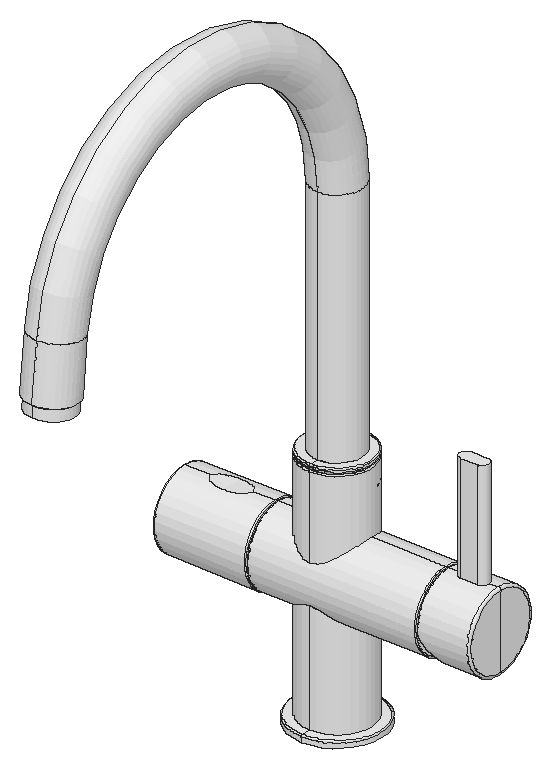
Revit family "Faucet-Kitchen-Grohe-Grohe_Blue_Professional-31251_Series", category Plumbing Fixtures, Revit 2014
Parameters (values of type "31251002")
  cUPC Compliant = yes
  Waste Connection = no
  Warranty Documentation Link = "https://cdn.cloud.grohe.com/tpi/1000/1900/1940/1949/1949006/original/1949006.pdf"
  WFU = 0
  Vent Connection = no
  URL = "https://www.grohe.us/en_us/"
  Product Page URL = ""
  Price = "Prices may vary. Please consult Manufacturer Representative for most up-to-date price list."  # constant formula
  Model = "31251002"
  Material = "Brass-Grohe-002-StarLight Chrome"
  Manufacturer = "Grohe"
  Length = 8 5/8"  # constant formula
  Installation Type = "Deck-Mounted"
  Height = 16 1/2"  # constant formula
  HWFU = 1.5
  HW Connection = yes
  Flow Rate = "1.75 gpm (6.6 L/min)"
  Finish = Brass-Grohe-002-StarLight Chrome
  Description = "Grohe Blue Professional Kitchen Faucet Starter Kit"  # constant formula
  Default Elevation = 0"
  Creation Date = "09/04/2019"  # constant formula
  Cold Water Connection Diameter = 3/8"
  CWFU = 1.5
  CW Connection = yes
  Assembly Code = "D2020300"
  ADA Compliant = yes
Types (3): name | Model | Material | Finish
  (no name) | "31251002" | "Brass-Grohe-002-StarLight Chrome" | Brass-Grohe-002-StarLight Chrome
  31251002 | "31251002" | "Brass-Grohe-002-StarLight Chrome" | Brass-Grohe-002-StarLight Chrome
  31251DC2 | "31251DC2" | "Brass-Grohe-DC2-SuperSteel" | Brass-Grohe-DC2-SuperSteel
Reference planes (in)
  plane 1 "Center (Front/Back)": y = 0
  plane 2: z = 0
  plane 3 "Center (Left/Right)": x = 0
  plane 4: x = -2.9375
  plane 5: x = 2.9375
  plane 6: x = -0.49058
  plane 7: x = 0.49058
  plane 8: z = 3.30522
  plane 9: y = -0.75
  plane 10: z = 16.5
  plane 11: y = -8.625
  plane 12: z = 9.9375
Forms (in)
  Revolve 1, solid, material "Brass-Grohe-002-StarLight Chrome" <- "Finish"
    sketch origin (0, 0, 0) x (0, 1, 0) y (0, 0, 1)
      loop
        line (0.82677, 0.16732) -> (0.82677, 5.73673)
        arc (0.82677, 5.73673) -> (0.82058, 5.75168) -> (0.80563, 5.75787) r 0.02114
        line (0.80563, 5.75787) -> (0.61427, 5.75787) -> (0.61427, 5.79258) -> (0.80405, 5.79258)
        arc (0.80405, 5.79258) -> (0.82012, 5.79924) -> (0.82677, 5.8153) r 0.02272
        line (0.82677, 5.8153) -> (0.82677, 5.87157)
        arc (0.82677, 5.87157) -> (0.82029, 5.88722) -> (0.80465, 5.8937) r 0.02212
        line (0.80465, 5.8937) -> (0, 5.8937) -> (0, 0) -> (1.06309, 0) -> (1.06309, 0.11893)
        arc (1.06309, 0.11893) -> (1.05514, 0.13936) -> (1.03547, 0.14906) r 0.03025
        line (1.03547, 0.14906) -> (0.82677, 0.16732)
      axis (0, 5.8937) -> (0, 0)
    angle from 0 to 360
  Sweep 2, solid, material "Brass-Grohe-002-StarLight Chrome" <- "Finish"
    path origin (0, 0, 0.4375) x (0, 1, 0) y (0, 0, 1)
      loop
        line (0, 1) -> (0, 11.24017)
        arc (0, 11.24017) -> (-4.02295, 15.47948) -> (-8.46698, 11.68391) r 4.24512
        line (-8.46698, 11.68391) -> (-8.60648, 10.35663)
    profile origin (0, 0, 6.55759) x (0, -1, 0) y (1, 0, 0)
      loop
        circle (0, 0) r 0.59055
  Extrusion 3, solid, material "Brass-Grohe-002-StarLight Chrome" <- "Finish"
    sketch origin (0, 0, 0) x (1, 0, 0) y (0, 1, 0)
      loop
        circle (-0.49058, 0) r 0.1875
      loop
        circle (0.49058, 0) r 0.1875
    from 0 to 0.1353
  Extrusion 4, void
    sketch origin (0, 0, 0) x (0, 1, 0) y (0, 0, 1)
      loop
        line (0.19291, 5.23228) -> (0.98992, 5.23228) -> (0.98992, 5.2933) -> (0.19291, 5.2933) -> (0.19291, 5.23228)
    from -1.11431 to 1.09078
  Revolve 5, solid, material "Brass-Grohe-002-StarLight Chrome" <- "Finish"
    sketch origin (0, 0, 0.5) x (1, 0, 0) y (0, 0, 1)
      loop
        arc (2.61517, 1.86023) -> (2.63117, 1.86686) -> (2.6378, 1.88286) r 0.02262
        line (2.6378, 1.88286) -> (2.6378, 1.98224)
        arc (2.6378, 1.98224) -> (3.09427, 2.28608) -> (3.27083, 2.80522) r 0.85148
        line (3.27083, 2.80522) -> (-3.71557, 2.80522)
        arc (-3.71557, 2.80522) -> (-3.71334, 2.36534) -> (-3.70663, 1.92551) r 43.25322
        arc (-3.70663, 1.92551) -> (-3.69272, 1.89311) -> (-3.66019, 1.87952) r 0.04695
        line (-3.66019, 1.87952) -> (-1.48153, 1.85622)
        arc (-1.48153, 1.85622) -> (-1.46398, 1.86332) -> (-1.45669, 1.88079) r 0.02457
        line (-1.45669, 1.88079) -> (-1.45669, 2.02554) -> (-1.41732, 2.02554) -> (-1.41732, 1.88265)
        arc (-1.41732, 1.88265) -> (-1.41076, 1.8668) -> (-1.3949, 1.86023) r 0.02242
        line (-1.3949, 1.86023) -> (2.61517, 1.86023)
      axis (3.27083, 2.80522) -> (-3.71557, 2.80522)
    angle from 0 to 360
  Revolve 6, solid, material "Brass-Grohe-002-StarLight Chrome" <- "Finish"
    sketch origin (0, 0, 0) x (1, 0, 0) y (0, 0, 1)
      loop
        line (3.93701, 3.30522) -> (3.93701, 4.19052)
        arc (3.93701, 4.19052) -> (3.91963, 4.23248) -> (3.87767, 4.24986) r 0.05934
        line (3.87767, 4.24986) -> (2.69918, 4.24986)
        arc (2.69918, 4.24986) -> (2.68361, 4.24341) -> (2.67717, 4.22785) r 0.02201
        line (2.67717, 4.22785) -> (2.67717, 3.30522) -> (3.93701, 3.30522)
      axis (2.67717, 3.30522) -> (3.93701, 3.30522)
    angle from 0 to 360
  Extrusion 7, void
    sketch origin (0, 0, 0) x (1, 0, 0) y (0, 0, 1)
      loop
        line (2.65745, 3.26996) -> (2.65745, 2.37788) -> (2.67423, 2.24126) -> (3.42423, 2.24126) -> (3.30526, 2.36023)
        arc (3.30526, 2.36023) -> (2.94627, 2.79011) -> (2.65745, 3.26996) r 3.64059
    from -1.2116 to 1.24149
  Extrusion 8, solid, material "Brass-Grohe-002-StarLight Chrome" <- "Finish"
    sketch origin (0, 0, 0) x (1, 0, 0) y (0, 1, 0)
      loop
        arc (3.10866, 0.15492) -> (2.95374, 0) -> (3.10866, -0.15492) r 0.15492
        line (3.10866, -0.15492) -> (3.50564, -0.15492)
        arc (3.50564, -0.15492) -> (3.66056, 0) -> (3.50564, 0.15492) r 0.15492
        line (3.50564, 0.15492) -> (3.10866, 0.15492)
    from 3.30511 to 6.81872
  Extrusion 9, void
    sketch origin (0, 0, 0) x (1, 0, 0) y (0, 0, 1)
      loop
        arc (-3.26947, 4.26774) -> (-2.51387, 4.20351) -> (-1.76096, 4.29407) r 3.71455
        line (-1.76096, 4.29407) -> (-3.26947, 4.26774)
      loop
        line (-3.26947, 2.3427) -> (-1.76096, 2.31637)
        arc (-1.76096, 2.31637) -> (-2.51387, 2.40693) -> (-3.26947, 2.3427) r 3.71455
    from -0.69577 to 0.71027
  Revolve 10, solid, material "Brass-Grohe-002-StarLight Chrome" <- "Finish"
    sketch origin (0, 0.25, 0.4375) x (0, 1, 0) y (0, 0, 1)
      loop
        line (-8.31254, 10.28982) -> (-8.35771, 10.29298) -> (-8.34412, 10.48735) -> (-8.8446, 10.51358) -> (-8.87614, 10.06249) -> (-8.38927, 10.02844) -> (-8.32998, 10.04043) -> (-8.31254, 10.28982)
      axis (-8.87614, 10.06249) -> (-8.84399, 10.52231)
    angle from 0 to 360
Cuts and joins
  Extrusion 4, Extrusion 9 cuts Revolve 1
  Extrusion 4, Extrusion 9 cuts Sweep 2
  Extrusion 9 cuts Revolve 5
  Extrusion 7, Extrusion 9 cuts Revolve 6
  Extrusion 9 cuts Extrusion 8
  joined: Revolve 1, Sweep 2, Revolve 5, Revolve 6, Extrusion 8, Revolve 10
Lines and regions (in)
  Masking region 1
    outline origin (0, 0, 0) x (1, 0, 0) y (0, 1, 0)
      loop
        arc (0.48618, 0.9454) -> (0.0011, 1.06309) -> (-0.48422, 0.94641) r 1.06309
        line (-0.48422, 0.94641) -> (-1.39075, 0.94641)
        arc (-1.39075, 0.94641) -> (-1.40954, 0.93862) -> (-1.41732, 0.91983) r 0.02658
        line (-1.41732, 0.91983) -> (-1.41732, 0.77968) -> (-1.45669, 0.77968) -> (-1.45669, 0.9216)
        arc (-1.45669, 0.9216) -> (-1.46396, 0.93914) -> (-1.4815, 0.94641) r 0.02481
        line (-1.4815, 0.94641) -> (-3.65667, 0.91944)
        arc (-3.65667, 0.91944) -> (-3.69196, 0.90483) -> (-3.70658, 0.86953) r 0.04991
        arc (-3.70658, 0.86953) -> (-3.73121, 0) -> (-3.70658, -0.86953) r 15.36176
        arc (-3.70658, -0.86953) -> (-3.69196, -0.90483) -> (-3.65667, -0.91944) r 0.04991
        line (-3.65667, -0.91944) -> (-1.4815, -0.94641)
        arc (-1.4815, -0.94641) -> (-1.46396, -0.93914) -> (-1.45669, -0.9216) r 0.02481
        line (-1.45669, -0.9216) -> (-1.45669, -0.77968) -> (-1.41732, -0.77968) -> (-1.41732, -0.91983)
        arc (-1.41732, -0.91983) -> (-1.40954, -0.93862) -> (-1.39075, -0.94641) r 0.02658
        line (-1.39075, -0.94641) -> (-0.59055, -0.94641) -> (-0.59055, -8.6204)
        arc (-0.59055, -8.6204) -> (0, -9.21096) -> (0.59055, -8.6204) r 0.59055
        line (0.59055, -8.6204) -> (0.59055, -0.9454) -> (2.61268, -0.9454)
        arc (2.61268, -0.9454) -> (2.63044, -0.93804) -> (2.6378, -0.92028) r 0.02512
        line (2.6378, -0.92028) -> (2.6378, -0.82299) -> (2.67717, -0.81151) -> (2.67717, -0.92196)
        arc (2.67717, -0.92196) -> (2.68403, -0.93853) -> (2.70061, -0.9454) r 0.02344
        line (2.70061, -0.9454) -> (3.86909, -0.9454)
        arc (3.86909, -0.9454) -> (3.91629, -0.92585) -> (3.93584, -0.87865) r 0.06675
        line (3.93584, -0.87865) -> (3.93584, 0.87865)
        arc (3.93584, 0.87865) -> (3.91629, 0.92585) -> (3.86909, 0.9454) r 0.06675
        line (3.86909, 0.9454) -> (2.70061, 0.9454)
        arc (2.70061, 0.9454) -> (2.68403, 0.93853) -> (2.67717, 0.92196) r 0.02344
        line (2.67717, 0.92196) -> (2.67717, 0.81151) -> (2.6378, 0.82299) -> (2.6378, 0.92028)
        arc (2.6378, 0.92028) -> (2.63044, 0.93804) -> (2.61268, 0.9454) r 0.02512
        line (2.61268, 0.9454) -> (0.48618, 0.9454)
  symbolic lines, detail levels medium+fine
    curve 1: line (-0.48422, 0.94641, 0) -> (0.48422, 0.94641, 0)
    curve 2: line (-0.59055, -0.94641, 0) -> (-0.59055, 0, 0)
    curve 3: arc (-0.59055, 0, 0) -> (0, 0.59055, 0) -> (0.59055, 0, 0) r 0.59055
    curve 4: line (0.59055, 0, 0) -> (0.59055, -0.9454, 0)
    curve 17: line (3.50564, 0.15492, 0) -> (3.10866, 0.15492, 0)
    curve 18: line (3.10866, -0.15492, 0) -> (3.50564, -0.15492, 0)
    curve 19: arc (3.10866, 0.15492, 0) -> (2.95374, 0, 0) -> (3.10866, -0.15492, 0) r 0.15492
    curve 20: arc (3.50564, -0.15492, 0) -> (3.66056, 0, 0) -> (3.50564, 0.15492, 0) r 0.15492
  symbolic lines, detail levels fine
    curve 5: line (-1.45669, 0.77968, 0) -> (-1.45669, -0.77968, 0)
    curve 6: line (-1.41732, -0.77968, 0) -> (-1.41732, 0.77968, 0)
    curve 7: line (2.6378, 0.82299, 0) -> (2.6378, -0.82299, 0)
    curve 8: line (2.67717, -0.80813, 0) -> (2.67717, 0.81151, 0)
    curve 9: arc (-3.0045, 0.13902, 0) -> (-3.07706, 0.00422, 0) -> (-3.0045, -0.13058, 0) r 0.1615
    curve 10: arc (-3.0045, -0.13058, 0) -> (-2.85943, -0.20839, 0) -> (-2.70267, -0.2587, 0) r 0.90663
    curve 11: arc (-2.70267, -0.2587, 0) -> (-2.53647, -0.27702, 0) -> (-2.37028, -0.2587, 0) r 0.76296
    curve 12: arc (-2.37028, -0.2587, 0) -> (-2.19427, -0.19881, 0) -> (-2.03527, -0.10248, 0) r 0.85945
    curve 13: arc (-2.03527, -0.10248, 0) -> (-1.98544, -0.00162, 0) -> (-2.03527, 0.09925, 0) r 0.127
    curve 14: arc (-2.03527, 0.09925, 0) -> (-2.15109, 0.17506, 0) -> (-2.27676, 0.23311, 0) r 0.94301
    curve 15: arc (-2.27676, 0.23311, 0) -> (-2.53898, 0.28072, 0) -> (-2.8012, 0.23311, 0) r 0.74591
    curve 16: arc (-2.8012, 0.23311, 0) -> (-2.90459, 0.18984, 0) -> (-3.0045, 0.13902, 0) r 1.51082
Dimensions and locks (in)
  equal spacing: plane 5, plane 3 "Center (Left/Right)", plane 4
  plane 5 to plane 4 = 5 7/8"
  "Height": plane 10 to level
  "Length": plane 1 "Center (Front/Back)" to plane 11
  locked: plane 12 to level at 9.9375
  locked: Extrusion 3 sketch curve to Extrusion 3 sketch curve (diameter 3/8")
  "Cold Water Connection Diameter": diameter of Extrusion 3 sketch curve
Automatic sketch dimensions
  Revolve 1 sketch curve to plane 1 "Center (Front/Back)" = 0"  (x2)
  Revolve 1 sketch curve to level = 0"
  Revolve 1 sketch curve to Revolve 1 sketch curve = 0.18978"
  Revolve 1 sketch curve to Revolve 1 sketch curve = 0.00059"
  Revolve 1 sketch curve to Revolve 1 sketch curve = 0.00158"
  Revolve 1 sketch curve to Revolve 1 sketch curve = 0.02114"
  Revolve 1 sketch curve to Revolve 1 sketch curve = 0.02272"
  Revolve 1 sketch curve to Revolve 1 sketch curve = 0.20607"
  level to Revolve 1 sketch curve = 0.14906"
  Revolve 1 sketch curve to Revolve 1 sketch curve = 0.00264"
  Revolve 1 sketch curve to Revolve 1 sketch curve = 0.03025"
  level to Revolve 1 sketch curve = 0.16732"
  Revolve 1 sketch curve to Revolve 1 sketch curve = 0.03471"
  Revolve 1 sketch curve to Revolve 1 sketch curve = 0.05627"
  Revolve 1 sketch curve to Revolve 1 sketch curve = 1.21279"
  plane 1 "Center (Front/Back)" to Extrusion 3 sketch curve = 0"  (x2)
  Extrusion 3 sketch curve to plane 6 = 0"
  Extrusion 3 sketch curve to plane 7 = 0"
  Extrusion 4 sketch curve to plane 1 "Center (Front/Back)" = 0.19291"
  Extrusion 4 sketch curve to Extrusion 4 sketch curve = 0.06102"
  Revolve 5 sketch curve to plane 8 = 0"  (x2)
  Revolve 5 sketch curve to plane 4 = 0.77807"
  Revolve 5 sketch curve to plane 4 = 0.72269"
  Revolve 5 sketch curve to Revolve 5 sketch curve = 0.0005"
  Revolve 5 sketch curve to plane 6 = 0.99095"
  Revolve 5 sketch curve to Revolve 5 sketch curve = 0.00026"
  Revolve 5 sketch curve to Revolve 5 sketch curve = 0.02457"
  Revolve 5 sketch curve to Revolve 5 sketch curve = 0.03937"
  Revolve 5 sketch curve to Revolve 5 sketch curve = 0.02242"
  plane 5 to Revolve 5 sketch curve = 0.51815"
  plane 5 to Revolve 5 sketch curve = 0.32233"
  Revolve 5 sketch curve to Revolve 5 sketch curve = 0.02262"
  Revolve 5 sketch curve to plane 5 = 0.33333"
  Revolve 5 sketch curve to Revolve 5 sketch curve = 36.26681"
  Revolve 5 sketch curve to Revolve 5 sketch curve = 0.02056"
  Revolve 5 sketch curve to Revolve 5 sketch curve = 0.04695"
  Revolve 5 sketch curve to Revolve 5 sketch curve = 0.14475"
  Revolve 5 sketch curve to Revolve 5 sketch curve = 0.24112"
  Revolve 5 sketch curve to Revolve 5 sketch curve = 0.30606"
  Revolve 6 sketch curve to plane 8 = 0"  (x2)
  plane 5 to Revolve 6 sketch curve = 0.26033"
  Revolve 6 sketch curve to Revolve 6 sketch curve = 0.02201"
  Revolve 6 sketch curve to plane 5 = 0.94017"
  Revolve 6 sketch curve to Revolve 6 sketch curve = 0.05934"
  Revolve 6 sketch curve to Revolve 6 sketch curve = 0.11006"
  Revolve 6 sketch curve to Revolve 6 sketch curve = 0.0764"
  plane 8 to Extrusion 7 sketch curve = 0.03526"
  plane 5 to Extrusion 7 sketch curve = 0.28005"
  Extrusion 7 sketch curve to Extrusion 7 sketch curve = 0.01678"
  Extrusion 7 sketch curve to plane 5 = 0.36776"
  Extrusion 7 sketch curve to Extrusion 7 sketch curve = 0.11897"  (x2)
  Extrusion 7 sketch curve to Extrusion 7 sketch curve = 0.13662"
  plane 1 "Center (Front/Back)" to Extrusion 8 sketch curve = 0"
  Extrusion 8 sketch curve to plane 5 = 0.17116"
  Extrusion 8 sketch curve to plane 1 "Center (Front/Back)" = 0.15492"
  Extrusion 8 sketch curve to Extrusion 8 sketch curve = 0.39698"
  Extrusion 9 sketch curve to plane 4 = 0.33197"  (x2)
  plane 4 to Extrusion 9 sketch curve = 0.3588"  (x2)
  plane 4 to Extrusion 9 sketch curve = 1.17654"  (x2)
  Extrusion 9 sketch curve to level = 1.30705"
  Extrusion 9 sketch curve to Extrusion 9 sketch curve = 0.02633"
  Sweep 2 sketch curve to plane 3 "Center (Left/Right)" = 0"
  Sweep 2 sketch curve to profile plane = 0"
  Revolve 10 sketch curve to Revolve 10 sketch curve = 0.03154"
  Revolve 10 sketch curve to Revolve 10 sketch curve = 0.03156"
  Revolve 10 sketch curve to Revolve 10 sketch curve = 0.01359"
  Revolve 10 sketch curve to Revolve 10 sketch curve = 0.05929"
  Revolve 10 sketch curve to Revolve 10 sketch curve = 0.04517"
  Revolve 10 sketch curve to Revolve 10 sketch curve = 0"  (x4)
  Revolve 1 sketch curve to plane 1 "Center (Front/Back)" = 0.61427"
  Revolve 1 sketch curve to plane 8 = 2.43151"
  Revolve 1 sketch curve to Revolve 1 sketch curve = 2.79318"
  Extrusion 4 sketch curve to Extrusion 4 sketch curve = 0.79701"
  Extrusion 4 sketch curve to plane 8 = 1.92706"
  plane 8 to Revolve 5 sketch curve = 0.87875"
  Revolve 5 sketch curve to Revolve 5 sketch curve = 0.09938"
  Revolve 6 sketch curve to plane 8 = 0.8853"
  Extrusion 7 sketch curve to plane 5 = 2.97431"
  Extrusion 7 sketch curve to Extrusion 7 sketch curve = 0.89207"
  plane 8 to Extrusion 9 sketch curve = 0.98885"
  Extrusion 9 sketch curve to plane 8 = 0.96252"
  Revolve 10 sketch curve to plane 9 = 7.87614"
  Revolve 10 sketch curve to Revolve 10 sketch curve = 0.48687"
  Revolve 10 sketch curve to plane 8 = 7.16072"
  Revolve 10 sketch curve to Revolve 10 sketch curve = 0.01199"
  Revolve 10 sketch curve to Revolve 10 sketch curve = 0.03405"
  Revolve 10 sketch curve to Revolve 10 sketch curve = 0.24939"
  Masking region 1 sketch curve to plane 3 "Center (Left/Right)" = 0"  (x2)
  plane 1 "Center (Front/Back)" to Masking region 1 sketch curve = 0"  (x2)
  Masking region 1 sketch curve to plane 6 = 0.90017"  (x2)
  Masking region 1 sketch curve to plane 9 = 0.16983"
  Masking region 1 sketch curve to Masking region 1 sketch curve = 0.02658"  (x3)
  Masking region 1 sketch curve to plane 9 = 0.02968"
  Masking region 1 sketch curve to Masking region 1 sketch curve = 0.03937"  (x4)
  Masking region 1 sketch curve to Masking region 1 sketch curve = 0.02481"  (x2)
  Masking region 1 sketch curve to plane 9 = 0.11953"
  Masking region 1 sketch curve to plane 4 = 0.71917"  (x2)
  plane 7 to Masking region 1 sketch curve = 0.00439"
  plane 5 to Masking region 1 sketch curve = 0.32482"  (x2)
  Masking region 1 sketch curve to plane 9 = 0.17028"
  Masking region 1 sketch curve to Masking region 1 sketch curve = 0.02512"  (x2)
  Masking region 1 sketch curve to plane 9 = 0.07299"
  Masking region 1 sketch curve to plane 9 = 0.06151"
  Masking region 1 sketch curve to Masking region 1 sketch curve = 3/128"  (x2)
  Masking region 1 sketch curve to plane 5 = 0.93159"  (x2)
  Masking region 1 sketch curve to plane 9 = 0.1954"
  Masking region 1 sketch curve to Masking region 1 sketch curve = 0.06675"
  Masking region 1 sketch curve to Masking region 1 sketch curve = 7.69471"
  Masking region 1 sketch curve to Masking region 1 sketch curve = 7.674"
  Masking region 1 sketch curve to Masking region 1 sketch curve = 0.04991"
  Masking region 1 sketch curve to plane 1 "Center (Front/Back)" = 0.77968"
  Masking region 1 sketch curve to plane 1 "Center (Front/Back)" = 0.81151"
  Masking region 1 sketch curve to Masking region 1 sketch curve = 0.01147"
  Masking region 1 sketch curve to plane 1 "Center (Front/Back)" = 0.86953"
  Masking region 1 sketch curve to plane 1 "Center (Front/Back)" = 0.87865"
  Masking region 1 sketch curve to Masking region 1 sketch curve = 0.14015"
  Masking region 1 sketch curve to Masking region 1 sketch curve = 0.00167"
  Masking region 1 sketch curve to Masking region 1 sketch curve = 0.00177"
  Masking region 1 sketch curve to Masking region 1 sketch curve = 0"
  Masking region 1 sketch curve to plane 7 = 0.09997"
  plane 1 "Center (Front/Back)" to curve 3 = 0"
  curve 3 to plane 3 "Center (Left/Right)" = 0"
  curve 2 to plane 6 = 0.09997"
  plane 1 "Center (Front/Back)" to curve 13 = 0.00162"
  plane 4 to curve 10 = 0.43232"
  curve 11 to curve 10 = 0.0313"
  plane 4 to curve 15 = 0.39852"
  curve 12 to curve 10 = 0.05232"
  plane 9 to curve 14 = 0.10029"
  curve 14 to curve 15 = 0.06929"
  curve 9 to plane 1 "Center (Front/Back)" = 0.00422"
  plane 4 to curve 9 = 0.02195"
  curve 16 to plane 9 = 0.43128"
  curve 14 to curve 15 = 0.18453"
  curve 11 to plane 1 "Center (Front/Back)" = 0.48594"
  curve 11 to curve 12 = 0.09417"
  curve 12 to curve 10 = 0.04605"
  plane 6 to curve 1 = 0.00636"
  curve 6 to plane 9 = 0.02968"
  curve 6 to curve 2 = 0.82677"
  curve 5 to curve 6 = 0.03937"
  curve 14 to plane 1 "Center (Front/Back)" = 0.09925"
  curve 13 to curve 14 = 0"
  curve 12 to curve 13 = 0"
  curve 15 to curve 14 = 0"
  curve 11 to curve 12 = 0"
  curve 10 to curve 11 = 0"
  plane 4 to curve 16 = 0.1363"
  curve 15 to curve 16 = 0"
  curve 16 to plane 4 = 0.067"
  curve 9 to curve 10 = 0"
  plane 7 to curve 1 = 0.00636"
  plane 5 to curve 7 = 0.2997"
  curve 7 to curve 8 = 0.03937"
  curve 5 to plane 9 = 0.02968"
  curve 8 to plane 9 = 0.05813"
  curve 7 to curve 8 = 0.01485"
  curve 4 to plane 9 = 0.1954"
  curve 2 to plane 9 = 0.19641"
  curve 5 to plane 1 "Center (Front/Back)" = 0.77968"
  curve 5 to curve 6 = 0"
  curve 8 to plane 1 "Center (Front/Back)" = 0.81151"
  curve 8 to curve 7 = 0.01147"
  curve 1 to plane 1 "Center (Front/Back)" = 0.94641"
  plane 1 "Center (Front/Back)" to curve 19 = 0"
  curve 17 to plane 5 = 0.17116"
  plane 1 "Center (Front/Back)" to curve 18 = 0.15492"
  curve 18 to curve 18 = 0.39698"
  Sweep 2 sketch curve to plane 11 = 0.01852"
  Sweep 2 sketch curve to plane 1 "Center (Front/Back)" = 0"
  Sweep 2 sketch curve to plane 11 = 0.15802"
  plane 12 to Sweep 2 sketch curve = 1.74017"
  plane 1 "Center (Front/Back)" to Sweep 2 sketch curve = 4.24512"
  plane 12 to Sweep 2 sketch curve = 0.85663"
  level to Sweep 2 sketch curve = 1 7/16"
  radius of Sweep 2 sketch curve = 0.59055"
Connectors (in)
  piping at (-0.49058, 0, 0), diameter 0.375, driven by "HWFU"
    settings: on Extrusion 3, index 1, connector inside diameter 24", connector length 0", flow factor 0, pipe flow 0 GPM, pressure drop 0.00 psi, fitting loss kfactor 0, connector angle 0.00°, fixture units 1.5, engagement length 0", angle of deflection 0.00°, flow configuration 3, flow direction 1, fitting loss method 0, system type 19, joint type 0, gender type 0, connector reference index -1, connector utility 0, adjustable connector no, is connector primary yes, connector description "3/8\" NPT HW Inlet"
  piping at (0.49058, 0, 0), diameter 0.375, driven by "CWFU", driven by "Cold Water Connection Diameter"
    settings: on Extrusion 3, index 2, connector inside diameter 24", connector length 0", flow factor 0, pipe flow 0 GPM, pressure drop 0.00 psi, fitting loss kfactor 0, connector angle 0.00°, fixture units 1.5, engagement length 0", angle of deflection 0.00°, flow configuration 3, flow direction 1, fitting loss method 0, system type 20, joint type 0, gender type 0, connector reference index -1, connector utility 0, adjustable connector no, is connector primary no, connector description "3/8\" NPT CW Inlet"
